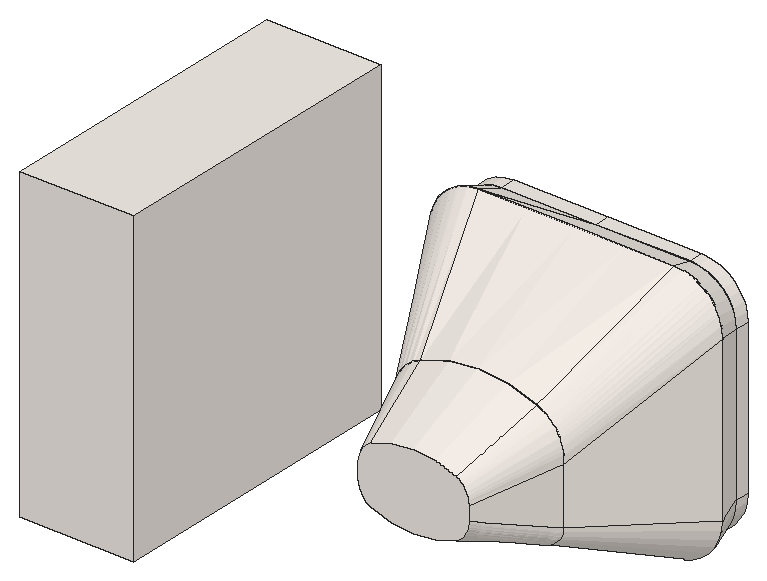
Revit family
Parameters (values of type "598 x 380 mm")
  Picture Tube Material = Glass - Gray
  Height = 750 mm
  Body Material = White-Linen
Reference planes
  plane 1 "Center (Front/Back)": y = 0
  plane 2: z = 0
  plane 3 "Center (Left/Right)": x = 0
  plane 4: z = 750
  plane 5: y = 198
  plane 6: x = 180
  plane 7: x = -418.374
  plane 8: y = -182
Forms (mm)
  Blend 1, solid, material "White-Linen" <- "Body Material"
    base sketch origin (0, 0, 52.5) x (1, 0, 0) y (0, 0, 1)
      loop
        arc (70.952, 912.5) -> (0, 927.408) -> (-70.952, 912.5) r 176.303
        arc (-70.952, 912.5) -> (-96.645, 891.129) -> (-103.464, 858.413) r 50.717
        line (-103.464, 858.413) -> (-103.464, 788.413)
        arc (-103.464, 788.413) -> (-96.142, 770.736) -> (-78.464, 763.413) r 25
        line (-78.464, 763.413) -> (78.464, 763.413)
        arc (78.464, 763.413) -> (96.142, 770.736) -> (103.464, 788.413) r 25
        line (103.464, 788.413) -> (103.464, 858.413)
        arc (103.464, 858.413) -> (96.645, 891.129) -> (70.952, 912.5) r 50.717
    top sketch origin (0, 0, 52.5) x (1, 0, 0) y (0, 0, 1)
      loop
        line (120, 1017.5) -> (-120, 1017.5)
        arc (-120, 1017.5) -> (-162.426, 999.926) -> (-180, 957.5) r 60
        line (-180, 957.5) -> (-180, 757.5)
        arc (-180, 757.5) -> (-162.426, 715.074) -> (-120, 697.5) r 60
        line (-120, 697.5) -> (120, 697.5)
        arc (120, 697.5) -> (162.426, 715.074) -> (180, 757.5) r 60
        line (180, 757.5) -> (180, 957.5)
        arc (180, 957.5) -> (162.426, 999.926) -> (120, 1017.5) r 60
    from 0 to -149.789
  Blend 2, solid, material "White-Linen" <- "Body Material"
    base sketch origin (0, 0, 0) x (1, 0, 0) y (0, 0, 1)
      loop
        arc (-120, 1070) -> (-162.426, 1052.426) -> (-180, 1010) r 60
        line (-180, 1010) -> (-180, 810)
        arc (-180, 810) -> (-162.426, 767.574) -> (-120, 750) r 60
        line (-120, 750) -> (120, 750)
        arc (120, 750) -> (162.426, 767.574) -> (180, 810) r 60
        line (180, 810) -> (180, 1010)
        arc (180, 1010) -> (162.426, 1052.426) -> (120, 1070) r 60
        line (120, 1070) -> (-120, 1070)
    top sketch origin (0, 0, 0) x (1, 0, 0) y (0, 0, 1)
      loop
        line (115.714, 1060) -> (0, 1060) -> (-115.714, 1060)
        arc (-115.714, 1060) -> (-155.447, 1043.542) -> (-171.905, 1003.81) r 56.19
        line (-171.905, 1003.81) -> (-171.905, 816.19)
        arc (-171.905, 816.19) -> (-155.447, 776.458) -> (-115.714, 760) r 56.19
        line (-115.714, 760) -> (115.714, 760)
        arc (115.714, 760) -> (155.447, 776.458) -> (171.905, 816.19) r 56.19
        line (171.905, 816.19) -> (171.905, 1003.81)
        arc (171.905, 1003.81) -> (155.447, 1043.542) -> (115.714, 1060) r 56.19
    from -149.789 to -180
  Extrusion 3, solid, material "White-Linen" <- "Body Material"
    sketch origin (0, 0, 0) x (1, 0, 0) y (0, 0, 1)
      loop
        arc (-115.714, 1060) -> (-155.447, 1043.542) -> (-171.905, 1003.81) r 56.19
        line (-171.905, 1003.81) -> (-171.905, 816.19)
        arc (-171.905, 816.19) -> (-155.447, 776.458) -> (-115.714, 760) r 56.19
        line (-115.714, 760) -> (115.714, 760)
        arc (115.714, 760) -> (155.447, 776.458) -> (171.905, 816.19) r 56.19
        line (171.905, 816.19) -> (171.905, 1003.81)
        arc (171.905, 1003.81) -> (155.447, 1043.542) -> (115.714, 1060) r 56.19
        line (115.714, 1060) -> (0, 1060) -> (-115.714, 1060)
      loop
        line (0, 1030) -> (-141.905, 1030) -> (-141.905, 805) -> (141.905, 805) -> (141.905, 1030) -> (0, 1030)
    from -180 to -198
  Sweep 4, solid, material "Glass - Gray" <- "Picture Tube Material"
    path origin (0, 0, 750) x (0, 1, 0) y (-1, 0, 0)
      loop
        arc (189.902, 157.968) -> (211.323, 0.439) -> (189.902, -157.09) r 589.944
    profile origin (-0.439, 0, 0) x (0, 1, 0) y (0, 0, 1)
      loop
        line (191.143, 1047.851) -> (189.227, 1047.276)
        arc (189.227, 1047.276) -> (209.323, 910.552) -> (189.227, 773.828) r 475.149
        line (189.227, 773.828) -> (191.143, 773.253)
        arc (191.143, 773.253) -> (211.323, 910.552) -> (191.143, 1047.851) r 477.149
  Extrusion 5, solid, material "White-Linen" <- "Body Material"
    sketch origin (0, 0, 0) x (1, 0, 0) y (0, 0, 1)
      loop
        circle (-81.926, 778.782) r 7.5
      loop
        circle (-63.008, 778.495) r 1.452
      loop
        line (-1.904, 785.339) -> (1.904, 785.339) -> (0, 790.052) -> (-1.904, 785.339)
      loop
        line (-1.904, 775.065) -> (0, 770.352) -> (1.904, 775.065) -> (-1.904, 775.065)
      loop
        line (-5.158, 782.106) -> (-9.871, 780.202) -> (-5.158, 778.298) -> (-5.158, 782.106)
      loop
        line (5.158, 782.106) -> (5.158, 778.298) -> (9.871, 780.202) -> (5.158, 782.106)
      loop
        line (-18.604, 776.674) -> (-18.604, 781.674) -> (-23.604, 781.674) -> (-23.604, 776.674) -> (-18.604, 776.674)
      loop
        circle (29.44, 779.789) r 2.5
    from -200 to -202
  Extrusion 6, solid, material "White-Linen" <- "Body Material"
    sketch origin (0, 0, 750) x (0, 1, 0) y (1, 0, 0)
      loop
        line (198, -278.374) -> (-182, -278.374) -> (-182, -418.374) -> (198, -418.374) -> (198, -278.374)
    from 0 to -380
  Blend 7, solid, material "White-Linen" <- "Body Material"
    base sketch origin (0, 0, 0) x (1, 0, 0) y (0, 0, 1)
      loop
        arc (103.464, 910.913) -> (96.645, 943.629) -> (70.952, 965) r 50.717
        arc (70.952, 965) -> (0, 979.908) -> (-70.952, 965) r 176.303
        arc (-70.952, 965) -> (-96.645, 943.629) -> (-103.464, 910.913) r 50.717
        line (-103.464, 910.913) -> (-103.464, 840.913)
        arc (-103.464, 840.913) -> (-96.142, 823.236) -> (-78.464, 815.913) r 25
        line (-78.464, 815.913) -> (78.464, 815.913)
        arc (78.464, 815.913) -> (96.142, 823.236) -> (103.464, 840.913) r 25
        line (103.464, 840.913) -> (103.464, 910.913)
    top sketch origin (0, 0, 0) x (1, 0, 0) y (0, 0, 1)
      loop
        arc (52.842, 923.805) -> (0, 934.908) -> (-52.842, 923.805) r 131.303
        arc (-52.842, 923.805) -> (-64.346, 912.408) -> (-68.464, 896.748) r 30.747
        line (-68.464, 896.748) -> (-68.464, 880.079)
        arc (-68.464, 880.079) -> (-64.346, 864.418) -> (-52.842, 853.022) r 30.747
        arc (-52.842, 853.022) -> (0, 841.919) -> (52.842, 853.022) r 131.303
        arc (52.842, 853.022) -> (64.346, 864.418) -> (68.464, 880.079) r 30.747
        line (68.464, 880.079) -> (68.464, 897.322)
        arc (68.464, 897.322) -> (64.201, 912.656) -> (52.842, 923.805) r 30.747
    from 0 to 100
Lines and regions (mm)
  symbolic lines
    curve 1: line (-171.905, 178, 0) -> (171.905, 178, 0)
    curve 2: line (97.5, 0, 0) -> (-97.5, 0, 0)
    curve 3: line (-171.905, 198, 0) -> (-171.905, 178, 0)
    curve 4: line (171.905, 198, 0) -> (-171.905, 198, 0)
    curve 5: line (171.905, 178, 0) -> (171.905, 198, 0)
    curve 6: arc (-115.714, 198, 0) -> (0, 210.58, 0) -> (115.714, 198, 0) r 538.468
    curve 7: line (-171.905, 180, 0) -> (-180, 149.789, 0)
    curve 8: line (-180, 149.789, 0) -> (-103.464, 0, 0)
    curve 9: line (-103.464, 0, 0) -> (-68.464, -100, 0)
    curve 10: line (-68.464, -100, 0) -> (68.464, -100, 0)
    curve 11: line (103.464, 0, 0) -> (180, 149.789, 0)
    curve 12: line (68.464, -100, 0) -> (103.464, 0, 0)
    curve 13: line (180, 149.789, 0) -> (171.905, 180, 0)
    curve 14: line (-180, 149.789, 0) -> (180, 149.789, 0)
    curve 15: line (-418.374, 198, 0) -> (-278.374, 198, 0)
    curve 16: line (-418.374, -182, 0) -> (-418.374, 198, 0)
    curve 17: line (-278.374, -182, 0) -> (-418.374, -182, 0)
    curve 18: line (-278.374, 198, 0) -> (-278.374, -182, 0)
Dimensions and locks
  "Height": level to plane 4
  level to plane 4 = 750 mm
  plane 7 to plane 6 = 598.374 mm
  plane 8 to plane 5 = 380 mm
  aligned and locked: Blend 2 sketch curve to Blend 1  (x4)
  aligned and locked: plane 3 "Center (Left/Right)" to Blend 2 sketch curve
  aligned and locked: Extrusion 3 sketch curve to Blend 2  (x5)
  aligned and locked: plane 4 to Blend 1
  aligned and locked: Extrusion 3 to Blend 2
  aligned and locked: plane 5 to Extrusion 3
  aligned and locked: Extrusion 5 sketch curve to Extrusion 5 sketch curve
  aligned and locked: plane 5 to Extrusion 6 sketch curve
  aligned and locked: Extrusion 6 to Blend 2
  aligned and locked: Blend 1 to Blend 2
  aligned and locked: Blend 7 sketch curve to Blend 1  (x6)
  aligned and locked: plane 6 to Blend 1
  aligned and locked: plane 7 to Extrusion 6
  aligned and locked: Extrusion 6 to plane 8
Automatic sketch dimensions
  Blend 1 sketch curve to plane 4 = 0 mm
  Blend 1 sketch curve to plane 3 "Center (Left/Right)" = 180 mm
  Blend 1 sketch curve to Blend 1 sketch curve = 60 mm  (x3)
  plane 3 "Center (Left/Right)" to Blend 1 sketch curve = 120 mm  (x2)
  Blend 1 sketch curve to Blend 1 sketch curve = 200 mm
  Blend 2 sketch curve to Blend 2 sketch curve = 115.714 mm
  Blend 2 sketch curve to plane 4 = 10 mm
  Blend 2 sketch curve to plane 3 "Center (Left/Right)" = 115.714 mm
  Blend 2 sketch curve to Blend 2 sketch curve = 56.19 mm  (x2)
  Sweep 4 sketch curve to plane 3 "Center (Left/Right)" = 0.439 mm
  plane 1 "Center (Front/Back)" to Sweep 4 sketch curve = 378.621 mm
  Sweep 4 sketch curve to plane 1 "Center (Front/Back)" = 189.902 mm  (x2)
  Sweep 4 sketch curve to plane 3 "Center (Left/Right)" = 157.968 mm
  profile plane to Sweep 4 sketch curve = 477.149 mm
  Sweep 4 sketch curve to Sweep 4 sketch curve = 0 mm  (x2)
  profile plane to Sweep 4 sketch curve = 22.096 mm  (x2)
  Sweep 4 sketch curve to Sweep 4 sketch curve = 1.915 mm  (x2)
  Sweep 4 sketch curve to plane 4 = 23.253 mm
  Sweep 4 sketch curve to Sweep 4 sketch curve = 0.575 mm
  Sweep 4 sketch curve to plane 4 = 160.552 mm
  Extrusion 3 sketch curve to plane 3 "Center (Left/Right)" = 0 mm  (x2)
  Extrusion 5 sketch curve to plane 3 "Center (Left/Right)" = 0 mm  (x2)
  Extrusion 5 sketch curve to plane 3 "Center (Left/Right)" = 1.904 mm  (x2)
  Extrusion 5 sketch curve to Extrusion 5 sketch curve = 3.254 mm  (x2)
  Extrusion 5 sketch curve to Extrusion 5 sketch curve = 4.713 mm  (x4)
  Extrusion 5 sketch curve to Extrusion 5 sketch curve = 8.733 mm
  Extrusion 5 sketch curve to Extrusion 5 sketch curve = 5 mm  (x2)
  Extrusion 5 sketch curve to Extrusion 5 sketch curve = 39.403 mm
  Extrusion 5 sketch curve to Extrusion 5 sketch curve = 18.918 mm
  plane 3 "Center (Left/Right)" to Extrusion 5 sketch curve = 1.904 mm  (x2)
  Extrusion 5 sketch curve to Extrusion 5 sketch curve = 19.569 mm
  Extrusion 5 sketch curve to plane 4 = 20.352 mm
  Extrusion 5 sketch curve to Extrusion 5 sketch curve = 1.608 mm
  Extrusion 5 sketch curve to Extrusion 5 sketch curve = 3.232 mm  (x3)
  Extrusion 5 sketch curve to plane 4 = 28.495 mm
  Extrusion 5 sketch curve to Extrusion 5 sketch curve = 0.287 mm
  Extrusion 5 sketch curve to Extrusion 5 sketch curve = 1.491 mm
  Extrusion 5 sketch curve to Extrusion 5 sketch curve = 1.904 mm  (x2)
  Extrusion 5 sketch curve to Extrusion 5 sketch curve = 3.809 mm
  Extrusion 3 sketch curve to Extrusion 3 sketch curve = 26.19 mm  (x3)
  Extrusion 3 sketch curve to Extrusion 3 sketch curve = 11.19 mm
  Extrusion 6 sketch curve to Extrusion 6 sketch curve = 140 mm
  Blend 2 sketch curve to Blend 2 sketch curve = 187.619 mm
  Blend 1 sketch curve to plane 3 "Center (Left/Right)" = 0 mm
  Blend 1 sketch curve to plane 3 "Center (Left/Right)" = 53.176 mm
  Blend 1 sketch curve to Blend 1 sketch curve = 17.776 mm  (x2)
  Blend 1 sketch curve to plane 3 "Center (Left/Right)" = 78.464 mm
  Blend 1 sketch curve to Blend 1 sketch curve = 25 mm  (x2)
  plane 3 "Center (Left/Right)" to Blend 1 sketch curve = 53.176 mm
  Blend 1 sketch curve to plane 4 = 53.605 mm
  Blend 1 sketch curve to plane 4 = 65.913 mm
  Blend 1 sketch curve to Blend 1 sketch curve = 70 mm  (x2)
  Blend 1 sketch curve to Blend 1 sketch curve = 6.587 mm
  Blend 7 sketch curve to Blend 7 sketch curve = 25 mm
  Blend 7 sketch curve to plane 3 "Center (Left/Right)" = 0 mm  (x2)
  Blend 7 sketch curve to plane 3 "Center (Left/Right)" = 37.718 mm
  Blend 7 sketch curve to Blend 7 sketch curve = 0 mm  (x2)
  Blend 7 sketch curve to Blend 7 sketch curve = 15.125 mm  (x4)
  Blend 7 sketch curve to Blend 7 sketch curve = 30.746 mm
  plane 3 "Center (Left/Right)" to Blend 7 sketch curve = 37.718 mm
  Blend 7 sketch curve to Blend 7 sketch curve = 15.622 mm
  Blend 7 sketch curve to plane 4 = 53.605 mm
  Blend 7 sketch curve to Blend 7 sketch curve = 76.474 mm
  Blend 7 sketch curve to Blend 7 sketch curve = 27.057 mm
  Blend 7 sketch curve to Blend 7 sketch curve = 26.77 mm
  Blend 7 sketch curve to Blend 7 sketch curve = 16.668 mm
  Blend 7 sketch curve to Blend 7 sketch curve = 17.242 mm  (x2)
  Blend 7 sketch curve to Blend 7 sketch curve = 49.417 mm
  Extrusion 6 sketch curve to plane 3 "Center (Left/Right)" = 278.374 mm
  plane 3 "Center (Left/Right)" to Blend 1 sketch curve = 78.464 mm
  plane 3 "Center (Left/Right)" to Blend 2 sketch curve = 115.714 mm  (x2)
  plane 1 "Center (Front/Back)" to Extrusion 6 sketch curve = 182 mm
  curve 16 to plane 7 = 0 mm
  curve 18 to plane 5 = 0 mm
  curve 17 to plane 8 = 0 mm
  curve 4 to plane 5 = 0 mm
  curve 8 to plane 1 "Center (Front/Back)" = 0 mm
  curve 2 to plane 1 "Center (Front/Back)" = 0 mm
  curve 6 to plane 3 "Center (Left/Right)" = 0 mm
  curve 12 to plane 1 "Center (Front/Back)" = 0 mm
  curve 14 to plane 6 = 0 mm
  plane 7 to curve 18 = 140 mm
  plane 5 to curve 7 = 48.211 mm
  curve 15 to curve 7 = 98.374 mm
  curve 7 to curve 4 = 8.095 mm
  plane 5 to curve 7 = 18 mm
  curve 7 to curve 1 = 0 mm
  curve 3 to curve 6 = 56.19 mm
  curve 8 to plane 3 "Center (Left/Right)" = 103.464 mm
  curve 8 to curve 2 = 5.964 mm
  curve 10 to plane 3 "Center (Left/Right)" = 68.464 mm
  plane 3 "Center (Left/Right)" to curve 12 = 68.464 mm
  curve 2 to plane 6 = 82.5 mm
  curve 2 to curve 12 = 5.964 mm
  curve 5 to plane 6 = 8.095 mm
  plane 8 to curve 6 = 145.888 mm
  curve 9 to plane 8 = 82 mm
  plane 5 to curve 5 = 20 mm
  curve 1 to curve 13 = 2 mm
  radius of Extrusion 5 sketch curve = 7.5 mm
  radius of Extrusion 5 sketch curve = 1.452 mm
  radius of Extrusion 5 sketch curve = 2.5 mm
